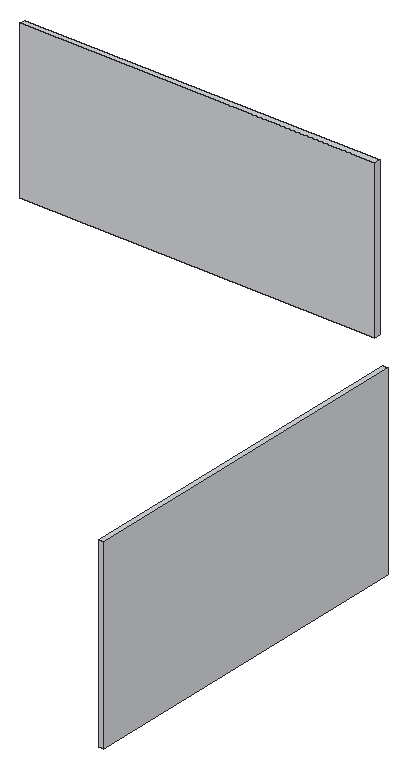
Revit family "EKF450E1 BIM position 2", category Mechanical Equipment, Revit 2013
Parameters (values of type "EKF450E1")
  Width (excluding controller) = "700 mm"
  Width (including controller) = "784 mm"
  Warranty period = "Unit 2 years                                    Motor 5 years"
  Sub Type = "Lo-Carbon Kitchen Box Fan"
  Options = "Weatherproofed and Constant Pressure options"
  Length (excluding Spigots) = "826 mm"
  Length (including Spigots = "700 mm"
  Product Description = "Lo-Carbon Kitchen Box Fan"
  Part Number = "EKF450E1"
  Operational and Maintenance Manual = "http://www.vent-axia.com/files/pdf-downloads/439305.pdf"
  Operating Temperature = "(-20C to +40C)"
  Maximum In-Duct Temperature = "120 Degrees C"
  Motor Rating = "0.99kW Max"
  Manufacturer - Website = "www.vent-axia.com"
  Manufacturer - Name = "Vent-Axia Ltd"
  Manufacturer - Email = "sales@vent-axia.com"
  Manufacturer - Contact Phone = "0844 856 0590"
  Manufacturer - Address = "Fleming Way, Crawley, West Sussex RH10 9YX"
  IP Rating = "IP54"
  Height = "700 mm\r\n220mm"
  Weight = "83.5 kg"
  Family = "In-Line Range"
  Country of Manufacture = "UK"
  Category = "Lo-Carbon Kitchen Box Fan"
  AC Voltage Input = "220-240 V AC (single phase)"
  AC Frequency Input = "50Hz nominal"
Reference planes
  plane 1 "Center (Front/Back)": y = 0
  plane 2: z = 0
  plane 3 "Center (Left/Right)": x = 0
  plane 4: z = 413
  plane 5: z = -413
  plane 6: z = 288.063
  plane 7: z = -411.937
  plane 8: z = 217.127
  plane 9: z = -40.516
  plane 10: z = -42.026
  plane 11: z = -346.468
Forms (mm)
  Extrusion 1, solid, detail levels coarse+medium
    sketch origin (-1319.08, 268.949, 334.586) x (1, 0, 0) y (0, 1, 0)
      loop
        line (879.08, 171.051) -> (879.08, -669.889) -> (1706.532, -669.889) -> (1706.532, 171.051) -> (879.08, 171.051)
    from -436.75 to 505.414
  Extrusion 2, solid
    sketch origin (0, 0, 0) x (1, 0, 0) y (0, 0, 1)
      loop
        line (-289.567, 615) -> (-289.567, 359) -> (290.433, 359) -> (290.433, 615) -> (-289.567, 615)
    from -355.54 to -345.54
  Extrusion 3, solid
    sketch origin (0, 0, 0) x (0, 1, 0) y (0, 0, 1)
      loop
        line (-284.46, 357.5) -> (-284.46, 55) -> (295.54, 55) -> (295.54, 357.5) -> (-284.46, 357.5)
    from 342.433 to 350.433
Dimensions and locks
  plane 4 to plane 5 = 826 mm
  plane 7 to plane 6 = 700 mm
  plane 8 to plane 9 = 257.643 mm
  plane 10 to plane 11 = 304.442 mm
  import instance to import instance = 700 mm
  Extrusion 3 to Extrusion 3 = 580 mm
  Extrusion 3 to Extrusion 3 = 302.5 mm
  Extrusion 2 to Extrusion 2 = 256 mm
Connectors
  hvac at (342.433, 5.54, 206.25)
    settings: on import instance, index 1, duct flow 0.0 L/s, flow factor 0, pres drop 0.0 Pa, loss coef 0, conn angle 0.00°, conn width 580 mm, conn height 303 mm, conn radius 304.8 mm, duct sys type 2, conn prof type 1, flow config 0, flow direction 1, loss method 0, conn ref index -1, conn util no, is conn primary yes, conn desc ""
  hvac at (0.433, 345.54, 487)
    settings: on import instance, index 2, duct flow 0.0 L/s, flow factor 0, pres drop 0.0 Pa, loss coef 0, conn angle 0.00°, conn width 580 mm, conn height 256 mm, conn radius 304.8 mm, duct sys type 2, conn prof type 1, flow config 0, flow direction 2, loss method 0, conn ref index -1, conn util no, is conn primary no, conn desc ""
